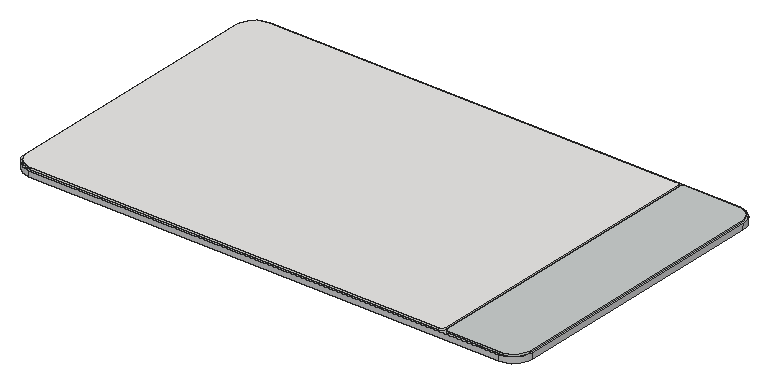
Revit family "Clarus_beWall_R20", category Furniture, host Face, Revit 2020
Family settings
  Host = Face
  Cut with Voids When Loaded = No
  Shared = No
  Room Calculation Point = No
Parameters (values of type "67 3/8" X 40"")
  Width = 67 3/8"
  URL = "https://www.clarus.com/"
  TRC Standards [instance] = "http://therevitcollection.com/news/trc-news-the-revit-collection-standards-explained/"
  Product URL = "https://www.clarus.com/be-wall/"
  More Revit Families! [instance] = "www.therevitcollection.com"
  Modeled By = "Commense Studio"  # constant formula
  Model = "be! Wall"  # constant formula
  Manufacturer = "Clarus"  # constant formula
  Clarus Glass [instance] = CBC-116 Smooth White
  Core Finish [instance] = Clarus Gray
  Description = "The simple and elegant be! Wall glassboard puts your best ideas on display.\r\nThe cleanly designed be! Wall comes in one standard size with a selection\r\nof two core fi nishes and boasts magnetic glass, radiused corners, and added\r\ndepth to prevent marker smudges and stains on your wall. The small acoustic\r\npanel is ideal for tacking up important items such as photos, notes, or fabric\r\nsamples to enhance your most creative brainstorm sessions. Easily installed\r\nwith the Clarus® TruMount™ system, the be! Wall can be hung horizontally\r\nor vertically, accommodating any modern-day work environment. With be!\r\nWall, everyone can collaborate without breaking the bank."  # constant formula
  Height = 40"
  Designer = ""
  Depth = 1 1/2"
  Default Elevation = 0"
  Assembly Code = ""
  Acoustic Panel [instance] = Clarus Marbled Gray
Reference planes (in)
  plane 1 "Center (Front/Back)": y = 0
  plane 2: z = 0
  plane 3 "Center (Left/Right)": x = 0
  plane 4 "L": x = -33.6875
  plane 5 "R": x = 33.6875
  plane 6 "B": y = 20
  plane 7 "F": y = -20
  plane 8: z = 1.5
  plane 9: x = -33.43753
  plane 10: x = 33.43753
  plane 11: z = 1.34375
  plane 12: z = 1.71875
  plane 13: x = 23.8125
  plane 14: x = 23.5625
  plane 15: z = 0.59375
Forms (in)
  Extrusion 1, solid, material "Clarus Gray" <- "Core Finish"
    sketch origin (0, 0, 0) x (1, 0, 0) y (0, 1, 0)
      loop
        arc (-31.1875, 20) -> (-32.95527, 19.26777) -> (-33.6875, 17.5) r 2.5
        line (-33.6875, 17.5) -> (-33.6875, -17.5)
        arc (-33.6875, -17.5) -> (-32.95527, -19.26777) -> (-31.1875, -20) r 2.5
        line (-31.1875, -20) -> (31.1875, -20)
        arc (31.1875, -20) -> (32.95527, -19.26777) -> (33.6875, -17.5) r 2.5
        line (33.6875, -17.5) -> (33.6875, 17.5)
        arc (33.6875, 17.5) -> (32.95527, 19.26777) -> (31.1875, 20) r 2.5
        line (31.1875, 20) -> (-31.1875, 20)
    from 0.59375 to 1.34375
  Extrusion 2, solid, material "CBC-116 Smooth White" <- "Clarus Glass"
    sketch origin (0, 0, 0) x (1, 0, 0) y (0, 1, 0)
      loop
        arc (-31.1875, 19.75) -> (-32.77849, 19.09099) -> (-33.4375, 17.5) r 2.25
        line (-33.4375, 17.5) -> (-33.4375, -17.5)
        arc (-33.4375, -17.5) -> (-32.77849, -19.09099) -> (-31.1875, -19.75) r 2.25
        line (-31.1875, -19.75) -> (23.0625, -19.75)
        arc (23.0625, -19.75) -> (23.41605, -19.60355) -> (23.5625, -19.25) r 0.5
        line (23.5625, -19.25) -> (23.5625, 19.25)
        arc (23.5625, 19.25) -> (23.41605, 19.60355) -> (23.0625, 19.75) r 0.5
        line (23.0625, 19.75) -> (-31.1875, 19.75)
    from 1.34375 to 1.5
  Extrusion 3, solid, material "Clarus Marbled Gray" <- "Acoustic Panel"
    sketch origin (0.75, 0, 0) x (1, 0, 0) y (0, 1, 0)
      loop
        line (30.43753, 19.75) -> (23.5625, 19.75)
        arc (23.5625, 19.75) -> (23.20895, 19.60355) -> (23.0625, 19.25) r 0.5
        line (23.0625, 19.25) -> (23.0625, -19.25)
        arc (23.0625, -19.25) -> (23.20895, -19.60355) -> (23.5625, -19.75) r 0.5
        line (23.5625, -19.75) -> (30.43753, -19.75)
        arc (30.43753, -19.75) -> (32.02852, -19.09099) -> (32.68753, -17.5) r 2.25
        line (32.68753, -17.5) -> (32.68753, 17.5)
        arc (32.68753, 17.5) -> (32.02852, 19.09099) -> (30.43753, 19.75) r 2.25
    from 1.34375 to 1.5
Dimensions and locks (in)
  equal spacing: plane 4 "L", plane 3 "Center (Left/Right)", plane 5 "R"
  "Width": plane 4 "L" to plane 5 "R"
  equal spacing: plane 7 "F", plane 1 "Center (Front/Back)", plane 6 "B"
  "Height": plane 7 "F" to plane 6 "B"
  "Depth": plane 8 to level
  plane 9 to plane 4 "L" = 0.24997"
  plane 10 to plane 5 "R" = 0.24997"
  locked: plane 8 to plane 11 at 0.15625
  locked: plane 12 to plane 11 at 0.375
  locked: plane 11 to plane 15 at 0.75
  aligned and locked: plane 2 to host face
  aligned and locked: level to host face
  aligned and locked: Extrusion 1 to plane 15
  aligned and locked: plane 11 to Extrusion 1
  aligned and locked: plane 8 to Extrusion 2
  aligned and locked: Extrusion 2 to plane 11
  aligned and locked: Extrusion 3 sketch curve to plane 10
  aligned and locked: Extrusion 3 sketch curve to plane 13
Automatic sketch dimensions
  host sketch curve to host sketch curve = 96"  (x2)
  Extrusion 1 sketch curve to plane 4 "L" = 0"
  plane 7 "F" to Extrusion 1 sketch curve = 0"
  plane 6 "B" to Extrusion 1 sketch curve = 0"
  Extrusion 1 sketch curve to plane 5 "R" = 0"
  plane 9 to Extrusion 1 sketch curve = 2.25003"  (x2)
  plane 10 to Extrusion 1 sketch curve = 2.25003"  (x2)
  Extrusion 2 sketch curve to plane 14 = 0"
  Extrusion 2 sketch curve to plane 7 "F" = 1/4"
  Extrusion 2 sketch curve to plane 14 = 1/2"
  Extrusion 2 sketch curve to Extrusion 2 sketch curve = 1/2"
  plane 9 to Extrusion 2 sketch curve = 2.25003"  (x2)
  plane 6 "B" to Extrusion 2 sketch curve = 1/4"
  plane 9 to Extrusion 2 sketch curve = 0.00003"
  Extrusion 3 sketch curve to plane 7 "F" = 1/4"
  plane 13 to Extrusion 3 sketch curve = 1/2"  (x2)
  plane 6 "B" to Extrusion 3 sketch curve = 1/4"
  plane 10 to Extrusion 3 sketch curve = 2 1/4"  (x2)
